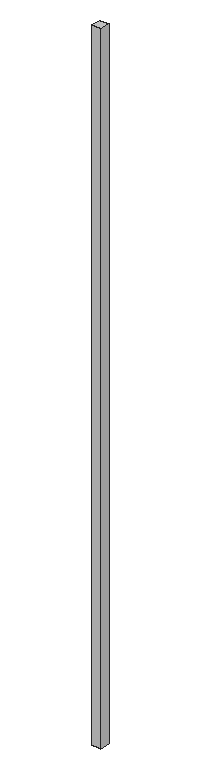
Revit family "M_Barras quadradas-coluna", category Pilares estruturais, Revit 2019
Family settings
  Forma do corte = Barra retangular
  Material para o comportamento do modelo = Aço
  Exportar sempre como geometria = Não
  Redução da viga na planta = Da caixa de vinculação
  Family Name Key = M_Square Bars-Column
  Número OmniClass = 23.25.30.11.14.11
  Título OmniClass = Columns
  ID de item do Seek = M_Square Bar-Column-0000-USA-ENU
  Corte com vazios quando carregada = Não
  Representação simbólica = Das configurações de projeto
  Compartilhado = Não
  Exibir o pré-corte da família na vista da planta = Sim
Parameters (values of type "RV38.1")
  Width = 38.10 mm
  Torsional Moment of Inertia = 0 cm⁴
  Torsional Modulus = 0.0 mm³
  Structural Material [instance] = Aço ASTM A36
  Chave do nome do corte = "RV 1 1/2"
  Section Area = 1451.6 mm²
  Plastic Modulus weak axis = 13827.0 mm³
  Plastic Modulus strong axis = 13827.0 mm³
  Perimeter = 0.49869 (stored number, unit not read)
  Nominal Weight = 0 N/m
  Moment of Inertia weak axis = 17.56 cm⁴
  Moment of Inertia strong axis = 17.56 cm⁴
  Height = 38.10 mm
  Elastic Modulus weak axis = 9218.0 mm³
  Elastic Modulus strong axis = 9218.0 mm³
  Centroid Vertical = Height / 2  # 19.05 mm
  Centroid Horizontal = Width / 2  # 19.05 mm
  Código de montagem = "B10"
Reference planes
  plane 1 "Centro (Frente/Trás)": y = 0
  plane 2: z = 0
  plane 3 "Centro (Esquerda/Direita)": x = 0
  plane 4: x = -19.05
  plane 5: x = 19.05
  plane 6: y = 19.05
  plane 7: y = -19.05
Forms (mm)
  Extrusion 1, solid, material "Aço ASTM A36" <- "Structural Material", detail levels medium+fine
    sketch origin (0, 0, 0) x (1, 0, 0) y (0, 1, 0)
      loop
        line (-19.05, 19.05) -> (-19.05, -19.05) -> (19.05, -19.05) -> (19.05, 19.05) -> (-19.05, 19.05)
    from 0 to 2500
Lines and regions (mm)
  symbolic lines, style "StructuralColumnStickSymbols", detail levels coarse
    curve 1: line (-19.05, 19.05, 0) -> (19.05, 19.05, 0)
    curve 2: line (-19.05, -19.05, 0) -> (19.05, -19.05, 0)
    curve 3: line (-19.05, 19.05, 0) -> (-19.05, -19.05, 0)
    curve 4: line (19.05, 19.05, 0) -> (19.05, -19.05, 0)
  symbolic lines, style "Faces ocultas", detail levels medium+fine
    curve 5: line (0, 6.35, 0) -> (0, 6.35, 2500)
    curve 6: line (0, -6.35, 0) -> (0, -6.35, 2500)
Dimensions and locks
  equal spacing: plane 4, plane 3 "Centro (Esquerda/Direita)", plane 5
  equal spacing: plane 7, plane 1 "Centro (Frente/Trás)", plane 6
  "Height": plane 7 to plane 6
  "Width": plane 4 to plane 5
  aligned and locked: level to plane 2
  aligned and locked: plane 5 to curve 4
  aligned and locked: plane 7 to curve 2
  aligned and locked: plane 4 to curve 3
  aligned and locked: plane 6 to curve 1
  aligned and locked: Extrusion 1 sketch curve to curve 1
  aligned and locked: Extrusion 1 sketch curve to curve 3
  aligned and locked: Extrusion 1 sketch curve to curve 2
  aligned and locked: Extrusion 1 sketch curve to curve 4
  aligned and locked: level to Extrusion 1
  aligned and locked: Extrusion 1 to plane 2
Automatic sketch dimensions
  curve 6 to level = 0.00 mm  (x2)
  curve 5 to level = 0.00 mm  (x2)
  curve 5 to plane 1 "Centro (Frente/Trás)" = 6.35 mm
  plane 1 "Centro (Frente/Trás)" to curve 6 = 6.35 mm
Types in the file's own list only (191): name | Largura | Momento de inércia de torção | Módulo de torção | Chave do nome do corte | Área de corte | Eixo fraco do módulo plástico | Eixo forte do módulo plástico | Perímetro | Peso nominal | Eixo fraco do momento de inércia | Eixo forte do momento de inércia | Altura | Eixo fraco do módulo de elasticidade | Eixo forte do módulo de elasticidade | Centróide vertical | Centróide horizontal
  RV25.4 | 25.4 mm | 0.00 mm4 | 0.0 mm³ | "RV 1" | 645.2 mm² | 4097.0 mm³ | 4097.0 mm³ | 0.10 m²/m | 0.00 kgf/m | 34686.00 mm4 | 34686.00 mm4 | 25.4 mm | 2731.0 mm³ | 2731.0 mm³ | 12.7 mm | 12.7 mm
  RV26.99 | 27.0 mm | 0.00 mm4 | 0.0 mm³ | "RV 1 1/16" | 728.3 mm² | 4914.0 mm³ | 4914.0 mm³ | 0.11 m²/m | 0.00 kgf/m | 44205.00 mm4 | 44205.00 mm4 | 27.0 mm | 3276.0 mm³ | 3276.0 mm³ | 13.5 mm | 13.5 mm
  RV31.75 | 31.8 mm | 0.00 mm4 | 0.0 mm³ | "RV 1 1/4" | 1008.1 mm² | 8001.0 mm³ | 8001.0 mm³ | 0.13 m²/m | 0.00 kgf/m | 84683.00 mm4 | 84683.00 mm4 | 31.8 mm | 5334.0 mm³ | 5334.0 mm³ | 15.9 mm | 15.9 mm
  RV28.58 | 28.6 mm | 0.00 mm4 | 0.0 mm³ | "RV 1 1/8" | 816.5 mm² | 5833.0 mm³ | 5833.0 mm³ | 0.11 m²/m | 0.00 kgf/m | 55560.00 mm4 | 55560.00 mm4 | 28.6 mm | 3889.0 mm³ | 3889.0 mm³ | 14.3 mm | 14.3 mm
  RV42.86 | 42.9 mm | 0.00 mm4 | 0.0 mm³ | "RV 1 11/16" | 1837.2 mm² | 19687.0 mm³ | 19687.0 mm³ | 0.17 m²/m | 0.00 kgf/m | 281273.00 mm4 | 281273.00 mm4 | 42.9 mm | 13124.0 mm³ | 13124.0 mm³ | 21.4 mm | 21.4 mm
  RV46.04 | 46.0 mm | 0.00 mm4 | 0.0 mm³ | "RV 1 13/16" | 2119.5 mm² | 24394.0 mm³ | 24394.0 mm³ | 0.18 m²/m | 0.00 kgf/m | 374340.00 mm4 | 374340.00 mm4 | 46.0 mm | 16262.0 mm³ | 16262.0 mm³ | 23.0 mm | 23.0 mm
  RV49.21 | 49.2 mm | 0.00 mm4 | 0.0 mm³ | "RV 1 15/16" | 2421.9 mm² | 29797.0 mm³ | 29797.0 mm³ | 0.20 m²/m | 0.00 kgf/m | 488788.00 mm4 | 488788.00 mm4 | 49.2 mm | 19864.0 mm³ | 19864.0 mm³ | 24.6 mm | 24.6 mm
  RV30.16 | 30.2 mm | 0.00 mm4 | 0.0 mm³ | "RV 1 3/16" | 909.8 mm² | 6860.0 mm³ | 6860.0 mm³ | 0.12 m²/m | 0.00 kgf/m | 68974.00 mm4 | 68974.00 mm4 | 30.2 mm | 4574.0 mm³ | 4574.0 mm³ | 15.1 mm | 15.1 mm
  RV44.45 | 44.5 mm | 0.00 mm4 | 0.0 mm³ | "RV 1 3/4" | 1975.8 mm² | 21956.0 mm³ | 21956.0 mm³ | 0.18 m²/m | 0.00 kgf/m | 325316.00 mm4 | 325316.00 mm4 | 44.5 mm | 14637.0 mm³ | 14637.0 mm³ | 22.2 mm | 22.2 mm
  RV34.93 | 34.9 mm | 0.00 mm4 | 0.0 mm³ | "RV 1 3/8" | 1219.8 mm² | 10650.0 mm³ | 10650.0 mm³ | 0.14 m²/m | 0.00 kgf/m | 123984.00 mm4 | 123984.00 mm4 | 34.9 mm | 7100.0 mm³ | 7100.0 mm³ | 17.5 mm | 17.5 mm
  RV33.34 | 33.3 mm | 0.00 mm4 | 0.0 mm³ | "RV 1 5/16" | 1111.4 mm² | 9263.0 mm³ | 9263.0 mm³ | 0.13 m²/m | 0.00 kgf/m | 102932.00 mm4 | 102932.00 mm4 | 33.3 mm | 6175.0 mm³ | 6175.0 mm³ | 16.7 mm | 16.7 mm
  RV41.28 | 41.3 mm | 0.00 mm4 | 0.0 mm³ | "RV 1 5/8" | 1703.6 mm² | 17579.0 mm³ | 17579.0 mm³ | 0.17 m²/m | 0.00 kgf/m | 241862.00 mm4 | 241862.00 mm4 | 41.3 mm | 11720.0 mm³ | 11720.0 mm³ | 20.6 mm | 20.6 mm
  RV36.51 | 36.5 mm | 0.00 mm4 | 0.0 mm³ | "RV 1 7/16" | 1333.2 mm² | 12169.0 mm³ | 12169.0 mm³ | 0.15 m²/m | 0.00 kgf/m | 148110.00 mm4 | 148110.00 mm4 | 36.5 mm | 8113.0 mm³ | 8113.0 mm³ | 18.3 mm | 18.3 mm
  RV47.63 | 47.6 mm | 0.00 mm4 | 0.0 mm³ | "RV 1 7/8" | 2268.1 mm² | 27005.0 mm³ | 27005.0 mm³ | 0.19 m²/m | 0.00 kgf/m | 428705.00 mm4 | 428705.00 mm4 | 47.6 mm | 18003.0 mm³ | 18003.0 mm³ | 23.8 mm | 23.8 mm
  RV39.69 | 39.7 mm | 0.00 mm4 | 0.0 mm³ | "RV 1 9/16" | 1575.1 mm² | 15628.0 mm³ | 15628.0 mm³ | 0.16 m²/m | 0.00 kgf/m | 206744.00 mm4 | 206744.00 mm4 | 39.7 mm | 10419.0 mm³ | 10419.0 mm³ | 19.8 mm | 19.8 mm
  RV1.59 | 1.6 mm | 0.00 mm4 | 0.0 mm³ | "RV 1/16" | 2.5 mm² | 1.0 mm³ | 1.0 mm³ | 0.01 m²/m | 0.00 kgf/m | 0.50 mm4 | 0.50 mm4 | 1.6 mm | 0.7 mm³ | 0.7 mm³ | 0.8 mm | 0.8 mm
  RV12.7 | 12.7 mm | 0.00 mm4 | 0.0 mm³ | "RV 1/2" | 161.3 mm² | 512.0 mm³ | 512.0 mm³ | 0.05 m²/m | 0.00 kgf/m | 2168.00 mm4 | 2168.00 mm4 | 12.7 mm | 341.0 mm³ | 341.0 mm³ | 6.4 mm | 6.4 mm
  RV6.35 | 6.4 mm | 0.00 mm4 | 0.0 mm³ | "RV 1/4" | 40.3 mm² | 64.0 mm³ | 64.0 mm³ | 0.03 m²/m | 0.00 kgf/m | 135.00 mm4 | 135.00 mm4 | 6.4 mm | 43.0 mm³ | 43.0 mm³ | 3.2 mm | 3.2 mm
  RV3.18 | 3.2 mm | 0.00 mm4 | 0.0 mm³ | "RV 1/8" | 10.1 mm² | 8.0 mm³ | 8.0 mm³ | 0.01 m²/m | 0.00 kgf/m | 8.00 mm4 | 8.00 mm4 | 3.2 mm | 5.0 mm³ | 5.0 mm³ | 1.6 mm | 1.6 mm
  RV254 | 254.0 mm | 0.00 mm4 | 0.0 mm³ | "RV 10" | 64516.0 mm² | 4096766.0 mm³ | 4096766.0 mm³ | 1.02 m²/m | 0.00 kgf/m | 346859521.00 mm4 | 346859521.00 mm4 | 254.0 mm | 2731177.0 mm³ | 2731177.0 mm³ | 127.0 mm | 127.0 mm
  RV255.59 | 255.6 mm | 0.00 mm4 | 0.0 mm³ | "RV 10 1/16" | 65325.0 mm² | 4174061.0 mm³ | 4174061.0 mm³ | 1.02 m²/m | 0.00 kgf/m | 355612644.00 mm4 | 355612644.00 mm4 | 255.6 mm | 2782708.0 mm³ | 2782708.0 mm³ | 127.8 mm | 127.8 mm
  RV266.7 | 266.7 mm | 0.00 mm4 | 0.0 mm³ | "RV 10 1/2" | 71128.9 mm² | 4742519.0 mm³ | 4742519.0 mm³ | 1.07 m²/m | 0.00 kgf/m | 421609916.00 mm4 | 421609916.00 mm4 | 266.7 mm | 3161679.0 mm³ | 3161679.0 mm³ | 133.4 mm | 133.4 mm
  RV260.35 | 260.4 mm | 0.00 mm4 | 0.0 mm³ | "RV 10 1/4" | 67782.1 mm² | 4411769.0 mm³ | 4411769.0 mm³ | 1.04 m²/m | 0.00 kgf/m | 382868011.00 mm4 | 382868011.00 mm4 | 260.4 mm | 2941179.0 mm³ | 2941179.0 mm³ | 130.2 mm | 130.2 mm
  RV257.18 | 257.2 mm | 0.00 mm4 | 0.0 mm³ | "RV 10 1/8" | 66139.0 mm² | 4252323.0 mm³ | 4252323.0 mm³ | 1.03 m²/m | 0.00 kgf/m | 364530397.00 mm4 | 364530397.00 mm4 | 257.2 mm | 2834882.0 mm³ | 2834882.0 mm³ | 128.6 mm | 128.6 mm
  RV271.46 | 271.5 mm | 0.00 mm4 | 0.0 mm³ | "RV 10 11/16" | 73691.9 mm² | 5001146.0 mm³ | 5001146.0 mm³ | 1.09 m²/m | 0.00 kgf/m | 452541208.00 mm4 | 452541208.00 mm4 | 271.5 mm | 3334097.0 mm³ | 3334097.0 mm³ | 135.7 mm | 135.7 mm
  RV274.64 | 274.6 mm | 0.00 mm4 | 0.0 mm³ | "RV 10 13/16" | 75425.8 mm² | 5178685.0 mm³ | 5178685.0 mm³ | 1.10 m²/m | 0.00 kgf/m | 474087061.00 mm4 | 474087061.00 mm4 | 274.6 mm | 3452457.0 mm³ | 3452457.0 mm³ | 137.3 mm | 137.3 mm
  RV277.81 | 277.8 mm | 0.00 mm4 | 0.0 mm³ | "RV 10 15/16" | 77179.8 mm² | 5360377.0 mm³ | 5360377.0 mm³ | 1.11 m²/m | 0.00 kgf/m | 496393270.00 mm4 | 496393270.00 mm4 | 277.8 mm | 3573585.0 mm³ | 3573585.0 mm³ | 138.9 mm | 138.9 mm
  RV258.76 | 258.8 mm | 0.00 mm4 | 0.0 mm³ | "RV 10 3/16" | 66958.0 mm² | 4331557.0 mm³ | 4331557.0 mm³ | 1.04 m²/m | 0.00 kgf/m | 373614831.00 mm4 | 373614831.00 mm4 | 258.8 mm | 2887705.0 mm³ | 2887705.0 mm³ | 129.4 mm | 129.4 mm
  RV273.05 | 273.1 mm | 0.00 mm4 | 0.0 mm³ | "RV 10 3/4" | 74556.3 mm² | 5089400.0 mm³ | 5089400.0 mm³ | 1.09 m²/m | 0.00 kgf/m | 463220187.00 mm4 | 463220187.00 mm4 | 273.1 mm | 3392933.0 mm³ | 3392933.0 mm³ | 136.5 mm | 136.5 mm
  RV263.53 | 263.5 mm | 0.00 mm4 | 0.0 mm³ | "RV 10 3/8" | 69445.4 mm² | 4575151.0 mm³ | 4575151.0 mm³ | 1.05 m²/m | 0.00 kgf/m | 401888928.00 mm4 | 401888928.00 mm4 | 263.5 mm | 3050101.0 mm³ | 3050101.0 mm³ | 131.8 mm | 131.8 mm
  RV261.94 | 261.9 mm | 0.00 mm4 | 0.0 mm³ | "RV 10 5/16" | 68611.3 mm² | 4492965.0 mm³ | 4492965.0 mm³ | 1.05 m²/m | 0.00 kgf/m | 392292014.00 mm4 | 392292014.00 mm4 | 261.9 mm | 2995310.0 mm³ | 2995310.0 mm³ | 131.0 mm | 131.0 mm
  RV269.88 | 269.9 mm | 0.00 mm4 | 0.0 mm³ | "RV 10 5/8" | 72832.5 mm² | 4913919.0 mm³ | 4913919.0 mm³ | 1.08 m²/m | 0.00 kgf/m | 442047944.00 mm4 | 442047944.00 mm4 | 269.9 mm | 3275946.0 mm³ | 3275946.0 mm³ | 134.9 mm | 134.9 mm
  RV265.11 | 265.1 mm | 0.00 mm4 | 0.0 mm³ | "RV 10 7/16" | 70284.6 mm² | 4658334.0 mm³ | 4658334.0 mm³ | 1.06 m²/m | 0.00 kgf/m | 411660858.00 mm4 | 411660858.00 mm4 | 265.1 mm | 3105556.0 mm³ | 3105556.0 mm³ | 132.6 mm | 132.6 mm
  RV276.23 | 276.2 mm | 0.00 mm4 | 0.0 mm³ | "RV 10 7/8" | 76300.3 mm² | 5269009.0 mm³ | 5269009.0 mm³ | 1.10 m²/m | 0.00 kgf/m | 485144020.00 mm4 | 485144020.00 mm4 | 276.2 mm | 3512673.0 mm³ | 3512673.0 mm³ | 138.1 mm | 138.1 mm
  RV268.29 | 268.3 mm | 0.00 mm4 | 0.0 mm³ | "RV 10 9/16" | 71978.2 mm² | 4827712.0 mm³ | 4827712.0 mm³ | 1.07 m²/m | 0.00 kgf/m | 431738232.00 mm4 | 431738232.00 mm4 | 268.3 mm | 3218474.0 mm³ | 3218474.0 mm³ | 134.1 mm | 134.1 mm
  RV279.4 | 279.4 mm | 0.00 mm4 | 0.0 mm³ | "RV 11" | 78064.4 mm² | 5452796.0 mm³ | 5452796.0 mm³ | 1.12 m²/m | 0.00 kgf/m | 507837025.00 mm4 | 507837025.00 mm4 | 279.4 mm | 3635197.0 mm³ | 3635197.0 mm³ | 139.7 mm | 139.7 mm
  RV280.99 | 281.0 mm | 0.00 mm4 | 0.0 mm³ | "RV 11 1/16" | 78954.0 mm² | 5546270.0 mm³ | 5546270.0 mm³ | 1.12 m²/m | 0.00 kgf/m | 519477516.00 mm4 | 519477516.00 mm4 | 281.0 mm | 3697513.0 mm³ | 3697513.0 mm³ | 140.5 mm | 140.5 mm
  RV292.1 | 292.1 mm | 0.00 mm4 | 0.0 mm³ | "RV 11 1/2" | 85322.4 mm² | 6230669.0 mm³ | 6230669.0 mm³ | 1.17 m²/m | 0.00 kgf/m | 606659471.00 mm4 | 606659471.00 mm4 | 292.1 mm | 4153779.0 mm³ | 4153779.0 mm³ | 146.1 mm | 146.1 mm
  RV285.75 | 285.8 mm | 0.00 mm4 | 0.0 mm³ | "RV 11 1/4" | 81653.1 mm² | 5833091.0 mm³ | 5833091.0 mm³ | 1.14 m²/m | 0.00 kgf/m | 555601885.00 mm4 | 555601885.00 mm4 | 285.8 mm | 3888727.0 mm³ | 3888727.0 mm³ | 142.9 mm | 142.9 mm
  RV282.58 | 282.6 mm | 0.00 mm4 | 0.0 mm³ | "RV 11 1/8" | 79848.6 mm² | 5640807.0 mm³ | 5640807.0 mm³ | 1.13 m²/m | 0.00 kgf/m | 531316984.00 mm4 | 531316984.00 mm4 | 282.6 mm | 3760538.0 mm³ | 3760538.0 mm³ | 141.3 mm | 141.3 mm
  RV296.86 | 296.9 mm | 0.00 mm4 | 0.0 mm³ | "RV 11 11/16" | 88127.3 mm² | 6540426.0 mm³ | 6540426.0 mm³ | 1.19 m²/m | 0.00 kgf/m | 647202395.00 mm4 | 647202395.00 mm4 | 296.9 mm | 4360284.0 mm³ | 4360284.0 mm³ | 148.4 mm | 148.4 mm
  RV300.04 | 300.0 mm | 0.00 mm4 | 0.0 mm³ | "RV 11 13/16" | 90022.5 mm² | 6752532.0 mm³ | 6752532.0 mm³ | 1.20 m²/m | 0.00 kgf/m | 675337563.00 mm4 | 675337563.00 mm4 | 300.0 mm | 4501688.0 mm³ | 4501688.0 mm³ | 150.0 mm | 150.0 mm
  RV303.21 | 303.2 mm | 0.00 mm4 | 0.0 mm³ | "RV 11 15/16" | 91937.8 mm² | 6969174.0 mm³ | 6969174.0 mm³ | 1.21 m²/m | 0.00 kgf/m | 704380231.00 mm4 | 704380231.00 mm4 | 303.2 mm | 4646116.0 mm³ | 4646116.0 mm³ | 151.6 mm | 151.6 mm
  RV284.16 | 284.2 mm | 0.00 mm4 | 0.0 mm³ | "RV 11 3/16" | 80748.3 mm² | 5736412.0 mm³ | 5736412.0 mm³ | 1.14 m²/m | 0.00 kgf/m | 543357685.00 mm4 | 543357685.00 mm4 | 284.2 mm | 3824274.0 mm³ | 3824274.0 mm³ | 142.1 mm | 142.1 mm
  RV298.45 | 298.5 mm | 0.00 mm4 | 0.0 mm³ | "RV 11 3/4" | 89072.4 mm² | 6645915.0 mm³ | 6645915.0 mm³ | 1.19 m²/m | 0.00 kgf/m | 661157741.00 mm4 | 661157741.00 mm4 | 298.5 mm | 4430610.0 mm³ | 4430610.0 mm³ | 149.2 mm | 149.2 mm
  RV288.93 | 288.9 mm | 0.00 mm4 | 0.0 mm³ | "RV 11 3/8" | 83477.7 mm² | 6029695.0 mm³ | 6029695.0 mm³ | 1.16 m²/m | 0.00 kgf/m | 580709916.00 mm4 | 580709916.00 mm4 | 288.9 mm | 4019797.0 mm³ | 4019797.0 mm³ | 144.5 mm | 144.5 mm
  RV287.34 | 287.3 mm | 0.00 mm4 | 0.0 mm³ | "RV 11 5/16" | 82562.8 mm² | 5930850.0 mm³ | 5930850.0 mm³ | 1.15 m²/m | 0.00 kgf/m | 568051864.00 mm4 | 568051864.00 mm4 | 287.3 mm | 3953900.0 mm³ | 3953900.0 mm³ | 143.7 mm | 143.7 mm
  RV295.28 | 295.3 mm | 0.00 mm4 | 0.0 mm³ | "RV 11 5/8" | 87187.3 mm² | 6436059.0 mm³ | 6436059.0 mm³ | 1.18 m²/m | 0.00 kgf/m | 633469146.00 mm4 | 633469146.00 mm4 | 295.3 mm | 4290706.0 mm³ | 4290706.0 mm³ | 147.6 mm | 147.6 mm
  RV290.51 | 290.5 mm | 0.00 mm4 | 0.0 mm³ | "RV 11 7/16" | 84397.5 mm² | 6129633.0 mm³ | 6129633.0 mm³ | 1.16 m²/m | 0.00 kgf/m | 593578345.00 mm4 | 593578345.00 mm4 | 290.5 mm | 4086422.0 mm³ | 4086422.0 mm³ | 145.3 mm | 145.3 mm
  RV301.63 | 301.6 mm | 0.00 mm4 | 0.0 mm³ | "RV 11 7/8" | 90977.6 mm² | 6860283.0 mm³ | 6860283.0 mm³ | 1.21 m²/m | 0.00 kgf/m | 689744258.00 mm4 | 689744258.00 mm4 | 301.6 mm | 4573522.0 mm³ | 4573522.0 mm³ | 150.8 mm | 150.8 mm
  RV293.69 | 293.7 mm | 0.00 mm4 | 0.0 mm³ | "RV 11 9/16" | 86252.3 mm² | 6332809.0 mm³ | 6332809.0 mm³ | 1.17 m²/m | 0.00 kgf/m | 619955623.00 mm4 | 619955623.00 mm4 | 293.7 mm | 4221873.0 mm³ | 4221873.0 mm³ | 146.8 mm | 146.8 mm
  RV17.46 | 17.5 mm | 0.00 mm4 | 0.0 mm³ | "RV 11/16" | 304.9 mm² | 1331.0 mm³ | 1331.0 mm³ | 0.07 m²/m | 0.00 kgf/m | 7749.00 mm4 | 7749.00 mm4 | 17.5 mm | 887.0 mm³ | 887.0 mm³ | 8.7 mm | 8.7 mm
  RV304.8 | 304.8 mm | 0.00 mm4 | 0.0 mm³ | "RV 12" | 92903.0 mm² | 7079212.0 mm³ | 7079212.0 mm³ | 1.22 m²/m | 0.00 kgf/m | 719247903.00 mm4 | 719247903.00 mm4 | 304.8 mm | 4719474.0 mm³ | 4719474.0 mm³ | 152.4 mm | 152.4 mm
  RV20.64 | 20.6 mm | 0.00 mm4 | 0.0 mm³ | "RV 13/16" | 425.9 mm² | 2197.0 mm³ | 2197.0 mm³ | 0.08 m²/m | 0.00 kgf/m | 15116.00 mm4 | 15116.00 mm4 | 20.6 mm | 1465.0 mm³ | 1465.0 mm³ | 10.3 mm | 10.3 mm
  RV23.81 | 23.8 mm | 0.00 mm4 | 0.0 mm³ | "RV 15/16" | 567.0 mm² | 3376.0 mm³ | 3376.0 mm³ | 0.10 m²/m | 0.00 kgf/m | 26794.00 mm4 | 26794.00 mm4 | 23.8 mm | 2250.0 mm³ | 2250.0 mm³ | 11.9 mm | 11.9 mm
  RV50.8 | 50.8 mm | 0.00 mm4 | 0.0 mm³ | "RV 2" | 2580.6 mm² | 32774.0 mm³ | 32774.0 mm³ | 0.20 m²/m | 0.00 kgf/m | 554975.00 mm4 | 554975.00 mm4 | 50.8 mm | 21849.0 mm³ | 21849.0 mm³ | 25.4 mm | 25.4 mm
  RV52.39 | 52.4 mm | 0.00 mm4 | 0.0 mm³ | "RV 2 1/16" | 2744.5 mm² | 35944.0 mm³ | 35944.0 mm³ | 0.21 m²/m | 0.00 kgf/m | 627667.00 mm4 | 627667.00 mm4 | 52.4 mm | 23962.0 mm³ | 23962.0 mm³ | 26.2 mm | 26.2 mm
  RV63.5 | 63.5 mm | 0.00 mm4 | 0.0 mm³ | "RV 2 1/2" | 4032.3 mm² | 64012.0 mm³ | 64012.0 mm³ | 0.25 m²/m | 0.00 kgf/m | 1354920.00 mm4 | 1354920.00 mm4 | 63.5 mm | 42675.0 mm³ | 42675.0 mm³ | 31.8 mm | 31.8 mm
  RV57.15 | 57.2 mm | 0.00 mm4 | 0.0 mm³ | "RV 2 1/4" | 3266.1 mm² | 46665.0 mm³ | 46665.0 mm³ | 0.23 m²/m | 0.00 kgf/m | 888963.00 mm4 | 888963.00 mm4 | 57.2 mm | 31110.0 mm³ | 31110.0 mm³ | 28.6 mm | 28.6 mm
  RV53.98 | 54.0 mm | 0.00 mm4 | 0.0 mm³ | "RV 2 1/8" | 2913.3 mm² | 39311.0 mm³ | 39311.0 mm³ | 0.22 m²/m | 0.00 kgf/m | 707277.00 mm4 | 707277.00 mm4 | 54.0 mm | 26208.0 mm³ | 26208.0 mm³ | 27.0 mm | 27.0 mm
  RV68.26 | 68.3 mm | 0.00 mm4 | 0.0 mm³ | "RV 2 11/16" | 4659.8 mm² | 79522.0 mm³ | 79522.0 mm³ | 0.27 m²/m | 0.00 kgf/m | 1809454.00 mm4 | 1809454.00 mm4 | 68.3 mm | 53015.0 mm³ | 53015.0 mm³ | 34.1 mm | 34.1 mm
  RV71.44 | 71.4 mm | 0.00 mm4 | 0.0 mm³ | "RV 2 13/16" | 5103.3 mm² | 91142.0 mm³ | 91142.0 mm³ | 0.29 m²/m | 0.00 kgf/m | 2170320.00 mm4 | 2170320.00 mm4 | 71.4 mm | 60761.0 mm³ | 60761.0 mm³ | 35.7 mm | 35.7 mm
  RV74.61 | 74.6 mm | 0.00 mm4 | 0.0 mm³ | "RV 2 15/16" | 5567.0 mm² | 103842.0 mm³ | 103842.0 mm³ | 0.30 m²/m | 0.00 kgf/m | 2582647.00 mm4 | 2582647.00 mm4 | 74.6 mm | 69228.0 mm³ | 69228.0 mm³ | 37.3 mm | 37.3 mm
  RV55.56 | 55.6 mm | 0.00 mm4 | 0.0 mm³ | "RV 2 3/16" | 3087.2 mm² | 42883.0 mm³ | 42883.0 mm³ | 0.22 m²/m | 0.00 kgf/m | 794229.00 mm4 | 794229.00 mm4 | 55.6 mm | 28589.0 mm³ | 28589.0 mm³ | 27.8 mm | 27.8 mm
  RV69.85 | 69.9 mm | 0.00 mm4 | 0.0 mm³ | "RV 2 3/4" | 4879.0 mm² | 85200.0 mm³ | 85200.0 mm³ | 0.28 m²/m | 0.00 kgf/m | 1983738.00 mm4 | 1983738.00 mm4 | 69.9 mm | 56800.0 mm³ | 56800.0 mm³ | 34.9 mm | 34.9 mm
  RV60.33 | 60.3 mm | 0.00 mm4 | 0.0 mm³ | "RV 2 3/8" | 3639.1 mm² | 54882.0 mm³ | 54882.0 mm³ | 0.24 m²/m | 0.00 kgf/m | 1103591.00 mm4 | 1103591.00 mm4 | 60.3 mm | 36588.0 mm³ | 36588.0 mm³ | 30.2 mm | 30.2 mm
  RV58.74 | 58.7 mm | 0.00 mm4 | 0.0 mm³ | "RV 2 5/16" | 3450.1 mm² | 50662.0 mm³ | 50662.0 mm³ | 0.24 m²/m | 0.00 kgf/m | 991929.00 mm4 | 991929.00 mm4 | 58.7 mm | 33775.0 mm³ | 33775.0 mm³ | 29.4 mm | 29.4 mm
  RV66.68 | 66.7 mm | 0.00 mm4 | 0.0 mm³ | "RV 2 5/8" | 4445.6 mm² | 74102.0 mm³ | 74102.0 mm³ | 0.27 m²/m | 0.00 kgf/m | 1646914.00 mm4 | 1646914.00 mm4 | 66.7 mm | 49401.0 mm³ | 49401.0 mm³ | 33.3 mm | 33.3 mm
  RV61.91 | 61.9 mm | 0.00 mm4 | 0.0 mm³ | "RV 2 7/16" | 3833.2 mm² | 59330.0 mm³ | 59330.0 mm³ | 0.25 m²/m | 0.00 kgf/m | 1224425.00 mm4 | 1224425.00 mm4 | 61.9 mm | 39553.0 mm³ | 39553.0 mm³ | 31.0 mm | 31.0 mm
  RV73.03 | 73.0 mm | 0.00 mm4 | 0.0 mm³ | "RV 2 7/8" | 5332.7 mm² | 97354.0 mm³ | 97354.0 mm³ | 0.29 m²/m | 0.00 kgf/m | 2369764.00 mm4 | 2369764.00 mm4 | 73.0 mm | 64903.0 mm³ | 64903.0 mm³ | 36.5 mm | 36.5 mm
  RV65.09 | 65.1 mm | 0.00 mm4 | 0.0 mm³ | "RV 2 9/16" | 4236.4 mm² | 68934.0 mm³ | 68934.0 mm³ | 0.26 m²/m | 0.00 kgf/m | 1495578.00 mm4 | 1495578.00 mm4 | 65.1 mm | 45956.0 mm³ | 45956.0 mm³ | 32.5 mm | 32.5 mm
  RV76.2 | 76.2 mm | 0.00 mm4 | 0.0 mm³ | "RV 3" | 5806.4 mm² | 110613.0 mm³ | 110613.0 mm³ | 0.30 m²/m | 0.00 kgf/m | 2809562.00 mm4 | 2809562.00 mm4 | 76.2 mm | 73742.0 mm³ | 73742.0 mm³ | 38.1 mm | 38.1 mm
  RV77.79 | 77.8 mm | 0.00 mm4 | 0.0 mm³ | "RV 3 1/16" | 6050.9 mm² | 117671.0 mm³ | 117671.0 mm³ | 0.31 m²/m | 0.00 kgf/m | 3051111.00 mm4 | 3051111.00 mm4 | 77.8 mm | 78447.0 mm³ | 78447.0 mm³ | 38.9 mm | 38.9 mm
  RV88.9 | 88.9 mm | 0.00 mm4 | 0.0 mm³ | "RV 3 1/2" | 7903.2 mm² | 175649.0 mm³ | 175649.0 mm³ | 0.36 m²/m | 0.00 kgf/m | 5205061.00 mm4 | 5205061.00 mm4 | 88.9 mm | 117099.0 mm³ | 117099.0 mm³ | 44.5 mm | 44.5 mm
  RV82.55 | 82.6 mm | 0.00 mm4 | 0.0 mm³ | "RV 3 1/4" | 6814.5 mm² | 140634.0 mm³ | 140634.0 mm³ | 0.33 m²/m | 0.00 kgf/m | 3869787.00 mm4 | 3869787.00 mm4 | 82.6 mm | 93756.0 mm³ | 93756.0 mm³ | 41.3 mm | 41.3 mm
  RV79.38 | 79.4 mm | 0.00 mm4 | 0.0 mm³ | "RV 3 1/8" | 6300.4 mm² | 125023.0 mm³ | 125023.0 mm³ | 0.32 m²/m | 0.00 kgf/m | 3307910.00 mm4 | 3307910.00 mm4 | 79.4 mm | 83349.0 mm³ | 83349.0 mm³ | 39.7 mm | 39.7 mm
  RV93.66 | 93.7 mm | 0.00 mm4 | 0.0 mm³ | "RV 3 11/16" | 8772.7 mm² | 205417.0 mm³ | 205417.0 mm³ | 0.37 m²/m | 0.00 kgf/m | 6413303.00 mm4 | 6413303.00 mm4 | 93.7 mm | 136945.0 mm³ | 136945.0 mm³ | 46.8 mm | 46.8 mm
  RV96.84 | 96.8 mm | 0.00 mm4 | 0.0 mm³ | "RV 3 13/16" | 9377.5 mm² | 227023.0 mm³ | 227023.0 mm³ | 0.39 m²/m | 0.00 kgf/m | 7328128.00 mm4 | 7328128.00 mm4 | 96.8 mm | 151349.0 mm³ | 151349.0 mm³ | 48.4 mm | 48.4 mm
  RV100.01 | 100.0 mm | 0.00 mm4 | 0.0 mm³ | "RV 3 15/16" | 10002.5 mm² | 250094.0 mm³ | 250094.0 mm³ | 0.40 m²/m | 0.00 kgf/m | 8337501.00 mm4 | 8337501.00 mm4 | 100.0 mm | 166729.0 mm³ | 166729.0 mm³ | 50.0 mm | 50.0 mm
  RV80.96 | 81.0 mm | 0.00 mm4 | 0.0 mm³ | "RV 3 3/16" | 6554.9 mm² | 132676.0 mm³ | 132676.0 mm³ | 0.32 m²/m | 0.00 kgf/m | 3580588.00 mm4 | 3580588.00 mm4 | 81.0 mm | 88451.0 mm³ | 88451.0 mm³ | 40.5 mm | 40.5 mm
  RV95.25 | 95.3 mm | 0.00 mm4 | 0.0 mm³ | "RV 3 3/4" | 9072.6 mm² | 216040.0 mm³ | 216040.0 mm³ | 0.38 m²/m | 0.00 kgf/m | 6859283.00 mm4 | 6859283.00 mm4 | 95.3 mm | 144027.0 mm³ | 144027.0 mm³ | 47.6 mm | 47.6 mm
  RV85.73 | 85.7 mm | 0.00 mm4 | 0.0 mm³ | "RV 3 3/8" | 7348.8 mm² | 157493.0 mm³ | 157493.0 mm³ | 0.34 m²/m | 0.00 kgf/m | 4500375.00 mm4 | 4500375.00 mm4 | 85.7 mm | 104996.0 mm³ | 104996.0 mm³ | 42.9 mm | 42.9 mm
  RV84.14 | 84.1 mm | 0.00 mm4 | 0.0 mm³ | "RV 3 5/16" | 7079.1 mm² | 148905.0 mm³ | 148905.0 mm³ | 0.34 m²/m | 0.00 kgf/m | 4176160.00 mm4 | 4176160.00 mm4 | 84.1 mm | 99270.0 mm³ | 99270.0 mm³ | 42.1 mm | 42.1 mm
  RV92.08 | 92.1 mm | 0.00 mm4 | 0.0 mm³ | "RV 3 5/8" | 8477.8 mm² | 195148.0 mm³ | 195148.0 mm³ | 0.37 m²/m | 0.00 kgf/m | 5989432.00 mm4 | 5989432.00 mm4 | 92.1 mm | 130099.0 mm³ | 130099.0 mm³ | 46.0 mm | 46.0 mm
  RV87.31 | 87.3 mm | 0.00 mm4 | 0.0 mm³ | "RV 3 7/16" | 7623.5 mm² | 166406.0 mm³ | 166406.0 mm³ | 0.35 m²/m | 0.00 kgf/m | 4843111.00 mm4 | 4843111.00 mm4 | 87.3 mm | 110937.0 mm³ | 110937.0 mm³ | 43.7 mm | 43.7 mm
  RV98.43 | 98.4 mm | 0.00 mm4 | 0.0 mm³ | "RV 3 7/8" | 9687.5 mm² | 238373.0 mm³ | 238373.0 mm³ | 0.39 m²/m | 0.00 kgf/m | 7820607.00 mm4 | 7820607.00 mm4 | 98.4 mm | 158915.0 mm³ | 158915.0 mm³ | 49.2 mm | 49.2 mm
  RV90.49 | 90.5 mm | 0.00 mm4 | 0.0 mm³ | "RV 3 9/16" | 8188.0 mm² | 185228.0 mm³ | 185228.0 mm³ | 0.36 m²/m | 0.00 kgf/m | 5586928.00 mm4 | 5586928.00 mm4 | 90.5 mm | 123485.0 mm³ | 123485.0 mm³ | 45.2 mm | 45.2 mm
  RV4.76 | 4.8 mm | 0.00 mm4 | 0.0 mm³ | "RV 3/16" | 22.7 mm² | 27.0 mm³ | 27.0 mm³ | 0.02 m²/m | 0.00 kgf/m | 43.00 mm4 | 43.00 mm4 | 4.8 mm | 18.0 mm³ | 18.0 mm³ | 2.4 mm | 2.4 mm
  RV19.05 | 19.1 mm | 0.00 mm4 | 0.0 mm³ | "RV 3/4" | 362.9 mm² | 1728.0 mm³ | 1728.0 mm³ | 0.08 m²/m | 0.00 kgf/m | 10975.00 mm4 | 10975.00 mm4 | 19.1 mm | 1152.0 mm³ | 1152.0 mm³ | 9.5 mm | 9.5 mm
  RV9.53 | 9.5 mm | 0.00 mm4 | 0.0 mm³ | "RV 3/8" | 90.7 mm² | 216.0 mm³ | 216.0 mm³ | 0.04 m²/m | 0.00 kgf/m | 686.00 mm4 | 686.00 mm4 | 9.5 mm | 144.0 mm³ | 144.0 mm³ | 4.8 mm | 4.8 mm
  RV101.6 | 101.6 mm | 0.00 mm4 | 0.0 mm³ | "RV 4" | 10322.6 mm² | 262193.0 mm³ | 262193.0 mm³ | 0.41 m²/m | 0.00 kgf/m | 8879604.00 mm4 | 8879604.00 mm4 | 101.6 mm | 174795.0 mm³ | 174795.0 mm³ | 50.8 mm | 50.8 mm
  RV103.19 | 103.2 mm | 0.00 mm4 | 0.0 mm³ | "RV 4 1/16" | 10647.7 mm² | 274676.0 mm³ | 274676.0 mm³ | 0.41 m²/m | 0.00 kgf/m | 9447722.00 mm4 | 9447722.00 mm4 | 103.2 mm | 183118.0 mm³ | 183118.0 mm³ | 51.6 mm | 51.6 mm
  RV114.3 | 114.3 mm | 0.00 mm4 | 0.0 mm³ | "RV 4 1/2" | 13064.5 mm² | 373318.0 mm³ | 373318.0 mm³ | 0.46 m²/m | 0.00 kgf/m | 14223408.00 mm4 | 14223408.00 mm4 | 114.3 mm | 248879.0 mm³ | 248879.0 mm³ | 57.2 mm | 57.2 mm
  RV107.95 | 108.0 mm | 0.00 mm4 | 0.0 mm³ | "RV 4 1/4" | 11653.2 mm² | 314491.0 mm³ | 314491.0 mm³ | 0.43 m²/m | 0.00 kgf/m | 11316427.00 mm4 | 11316427.00 mm4 | 108.0 mm | 209661.0 mm³ | 209661.0 mm³ | 54.0 mm | 54.0 mm
  RV104.78 | 104.8 mm | 0.00 mm4 | 0.0 mm³ | "RV 4 1/8" | 10977.8 mm² | 287550.0 mm³ | 287550.0 mm³ | 0.42 m²/m | 0.00 kgf/m | 10042676.00 mm4 | 10042676.00 mm4 | 104.8 mm | 191700.0 mm³ | 191700.0 mm³ | 52.4 mm | 52.4 mm
  RV119.06 | 119.1 mm | 0.00 mm4 | 0.0 mm³ | "RV 4 11/16" | 14175.9 mm² | 421954.0 mm³ | 421954.0 mm³ | 0.48 m²/m | 0.00 kgf/m | 16746295.00 mm4 | 16746295.00 mm4 | 119.1 mm | 281303.0 mm³ | 281303.0 mm³ | 59.5 mm | 59.5 mm
  RV122.24 | 122.2 mm | 0.00 mm4 | 0.0 mm³ | "RV 4 13/16" | 14942.0 mm² | 456618.0 mm³ | 456618.0 mm³ | 0.49 m²/m | 0.00 kgf/m | 18605296.00 mm4 | 18605296.00 mm4 | 122.2 mm | 304412.0 mm³ | 304412.0 mm³ | 61.1 mm | 61.1 mm
  RV125.41 | 125.4 mm | 0.00 mm4 | 0.0 mm³ | "RV 4 15/16" | 15728.3 mm² | 493131.0 mm³ | 493131.0 mm³ | 0.50 m²/m | 0.00 kgf/m | 20614939.00 mm4 | 20614939.00 mm4 | 125.4 mm | 328754.0 mm³ | 328754.0 mm³ | 62.7 mm | 62.7 mm
  RV106.36 | 106.4 mm | 0.00 mm4 | 0.0 mm³ | "RV 4 3/16" | 11313.0 mm² | 300819.0 mm³ | 300819.0 mm³ | 0.43 m²/m | 0.00 kgf/m | 10665296.00 mm4 | 10665296.00 mm4 | 106.4 mm | 200546.0 mm³ | 200546.0 mm³ | 53.2 mm | 53.2 mm
  RV120.65 | 120.7 mm | 0.00 mm4 | 0.0 mm³ | "RV 4 3/4" | 14556.4 mm² | 439058.0 mm³ | 439058.0 mm³ | 0.48 m²/m | 0.00 kgf/m | 17657453.00 mm4 | 17657453.00 mm4 | 120.7 mm | 292705.0 mm³ | 292705.0 mm³ | 60.3 mm | 60.3 mm
  RV111.13 | 111.1 mm | 0.00 mm4 | 0.0 mm³ | "RV 4 3/8" | 12348.8 mm² | 343064.0 mm³ | 343064.0 mm³ | 0.44 m²/m | 0.00 kgf/m | 12707668.00 mm4 | 12707668.00 mm4 | 111.1 mm | 228709.0 mm³ | 228709.0 mm³ | 55.6 mm | 55.6 mm
  RV109.54 | 109.5 mm | 0.00 mm4 | 0.0 mm³ | "RV 4 5/16" | 11998.5 mm² | 328570.0 mm³ | 328570.0 mm³ | 0.44 m²/m | 0.00 kgf/m | 11996928.00 mm4 | 11996928.00 mm4 | 109.5 mm | 219047.0 mm³ | 219047.0 mm³ | 54.8 mm | 54.8 mm
  RV117.48 | 117.5 mm | 0.00 mm4 | 0.0 mm³ | "RV 4 5/8" | 13800.4 mm² | 405300.0 mm³ | 405300.0 mm³ | 0.47 m²/m | 0.00 kgf/m | 15870864.00 mm4 | 15870864.00 mm4 | 117.5 mm | 270200.0 mm³ | 270200.0 mm³ | 58.7 mm | 58.7 mm
  RV112.71 | 112.7 mm | 0.00 mm4 | 0.0 mm³ | "RV 4 7/16" | 12704.1 mm² | 357978.0 mm³ | 357978.0 mm³ | 0.45 m²/m | 0.00 kgf/m | 13449529.00 mm4 | 13449529.00 mm4 | 112.7 mm | 238652.0 mm³ | 238652.0 mm³ | 56.4 mm | 56.4 mm
  RV123.83 | 123.8 mm | 0.00 mm4 | 0.0 mm³ | "RV 4 7/8" | 15332.6 mm² | 474641.0 mm³ | 474641.0 mm³ | 0.50 m²/m | 0.00 kgf/m | 19590797.00 mm4 | 19590797.00 mm4 | 123.8 mm | 316427.0 mm³ | 316427.0 mm³ | 61.9 mm | 61.9 mm
  RV115.89 | 115.9 mm | 0.00 mm4 | 0.0 mm³ | "RV 4 9/16" | 13429.9 mm² | 389090.0 mm³ | 389090.0 mm³ | 0.46 m²/m | 0.00 kgf/m | 15030213.00 mm4 | 15030213.00 mm4 | 115.9 mm | 259393.0 mm³ | 259393.0 mm³ | 57.9 mm | 57.9 mm
  RV127 | 127.0 mm | 0.00 mm4 | 0.0 mm³ | "RV 5" | 16129.0 mm² | 512096.0 mm³ | 512096.0 mm³ | 0.51 m²/m | 0.00 kgf/m | 21678720.00 mm4 | 21678720.00 mm4 | 127.0 mm | 341397.0 mm³ | 341397.0 mm³ | 63.5 mm | 63.5 mm
  RV128.59 | 128.6 mm | 0.00 mm4 | 0.0 mm³ | "RV 5 1/16" | 16534.7 mm² | 531540.0 mm³ | 531540.0 mm³ | 0.51 m²/m | 0.00 kgf/m | 22783150.00 mm4 | 22783150.00 mm4 | 128.6 mm | 354360.0 mm³ | 354360.0 mm³ | 64.3 mm | 64.3 mm
  RV139.7 | 139.7 mm | 0.00 mm4 | 0.0 mm³ | "RV 5 1/2" | 19516.1 mm² | 681599.0 mm³ | 681599.0 mm³ | 0.56 m²/m | 0.00 kgf/m | 31739814.00 mm4 | 31739814.00 mm4 | 139.7 mm | 454400.0 mm³ | 454400.0 mm³ | 69.9 mm | 69.9 mm
  RV133.35 | 133.4 mm | 0.00 mm4 | 0.0 mm³ | "RV 5 1/4" | 17782.2 mm² | 592815.0 mm³ | 592815.0 mm³ | 0.53 m²/m | 0.00 kgf/m | 26350620.00 mm4 | 26350620.00 mm4 | 133.4 mm | 395210.0 mm³ | 395210.0 mm³ | 66.7 mm | 66.7 mm
  RV130.18 | 130.2 mm | 0.00 mm4 | 0.0 mm³ | "RV 5 1/8" | 16945.5 mm² | 551471.0 mm³ | 551471.0 mm³ | 0.52 m²/m | 0.00 kgf/m | 23929251.00 mm4 | 23929251.00 mm4 | 130.2 mm | 367647.0 mm³ | 367647.0 mm³ | 65.1 mm | 65.1 mm
  RV144.46 | 144.5 mm | 0.00 mm4 | 0.0 mm³ | "RV 5 11/16" | 20869.4 mm² | 753712.0 mm³ | 753712.0 mm³ | 0.58 m²/m | 0.00 kgf/m | 36294370.00 mm4 | 36294370.00 mm4 | 144.5 mm | 502475.0 mm³ | 502475.0 mm³ | 72.2 mm | 72.2 mm
  RV147.64 | 147.6 mm | 0.00 mm4 | 0.0 mm³ | "RV 5 13/16" | 21796.8 mm² | 804507.0 mm³ | 804507.0 mm³ | 0.59 m²/m | 0.00 kgf/m | 39591822.00 mm4 | 39591822.00 mm4 | 147.6 mm | 536338.0 mm³ | 536338.0 mm³ | 73.8 mm | 73.8 mm
  RV150.81 | 150.8 mm | 0.00 mm4 | 0.0 mm³ | "RV 5 15/16" | 22744.4 mm² | 857535.0 mm³ | 857535.0 mm³ | 0.60 m²/m | 0.00 kgf/m | 43109016.00 mm4 | 43109016.00 mm4 | 150.8 mm | 571690.0 mm³ | 571690.0 mm³ | 75.4 mm | 75.4 mm
  RV131.76 | 131.8 mm | 0.00 mm4 | 0.0 mm³ | "RV 5 3/16" | 17361.4 mm² | 571894.0 mm³ | 571894.0 mm³ | 0.53 m²/m | 0.00 kgf/m | 25118058.00 mm4 | 25118058.00 mm4 | 131.8 mm | 381263.0 mm³ | 381263.0 mm³ | 65.9 mm | 65.9 mm
  RV146.05 | 146.1 mm | 0.00 mm4 | 0.0 mm³ | "RV 5 3/4" | 21330.6 mm² | 778834.0 mm³ | 778834.0 mm³ | 0.58 m²/m | 0.00 kgf/m | 37916217.00 mm4 | 37916217.00 mm4 | 146.1 mm | 519222.0 mm³ | 519222.0 mm³ | 73.0 mm | 73.0 mm
  RV136.53 | 136.5 mm | 0.00 mm4 | 0.0 mm³ | "RV 5 3/8" | 18639.1 mm² | 636175.0 mm³ | 636175.0 mm³ | 0.55 m²/m | 0.00 kgf/m | 28951262.00 mm4 | 28951262.00 mm4 | 136.5 mm | 424117.0 mm³ | 424117.0 mm³ | 68.3 mm | 68.3 mm
  RV134.94 | 134.9 mm | 0.00 mm4 | 0.0 mm³ | "RV 5 5/16" | 18208.1 mm² | 614240.0 mm³ | 614240.0 mm³ | 0.54 m²/m | 0.00 kgf/m | 27627997.00 mm4 | 27627997.00 mm4 | 134.9 mm | 409493.0 mm³ | 409493.0 mm³ | 67.5 mm | 67.5 mm
  RV142.88 | 142.9 mm | 0.00 mm4 | 0.0 mm³ | "RV 5 5/8" | 20413.3 mm² | 729136.0 mm³ | 729136.0 mm³ | 0.57 m²/m | 0.00 kgf/m | 34725118.00 mm4 | 34725118.00 mm4 | 142.9 mm | 486091.0 mm³ | 486091.0 mm³ | 71.4 mm | 71.4 mm
  RV138.11 | 138.1 mm | 0.00 mm4 | 0.0 mm³ | "RV 5 7/16" | 19075.1 mm² | 658626.0 mm³ | 658626.0 mm³ | 0.55 m²/m | 0.00 kgf/m | 30321501.00 mm4 | 30321501.00 mm4 | 138.1 mm | 439084.0 mm³ | 439084.0 mm³ | 69.1 mm | 69.1 mm
  RV149.23 | 149.2 mm | 0.00 mm4 | 0.0 mm³ | "RV 5 7/8" | 22268.1 mm² | 830739.0 mm³ | 830739.0 mm³ | 0.60 m²/m | 0.00 kgf/m | 41322359.00 mm4 | 41322359.00 mm4 | 149.2 mm | 553826.0 mm³ | 553826.0 mm³ | 74.6 mm | 74.6 mm
  RV141.29 | 141.3 mm | 0.00 mm4 | 0.0 mm³ | "RV 5 9/16" | 19962.2 mm² | 705101.0 mm³ | 705101.0 mm³ | 0.57 m²/m | 0.00 kgf/m | 33207312.00 mm4 | 33207312.00 mm4 | 141.3 mm | 470067.0 mm³ | 470067.0 mm³ | 70.6 mm | 70.6 mm
  RV7.94 | 7.9 mm | 0.00 mm4 | 0.0 mm³ | "RV 5/16" | 63.0 mm² | 125.0 mm³ | 125.0 mm³ | 0.03 m²/m | 0.00 kgf/m | 331.00 mm4 | 331.00 mm4 | 7.9 mm | 83.0 mm³ | 83.0 mm³ | 4.0 mm | 4.0 mm
  RV15.88 | 15.9 mm | 0.00 mm4 | 0.0 mm³ | "RV 5/8" | 252.0 mm² | 1000.0 mm³ | 1000.0 mm³ | 0.06 m²/m | 0.00 kgf/m | 5293.00 mm4 | 5293.00 mm4 | 15.9 mm | 667.0 mm³ | 667.0 mm³ | 7.9 mm | 7.9 mm
  RV152.4 | 152.4 mm | 0.00 mm4 | 0.0 mm³ | "RV 6" | 23225.8 mm² | 884901.0 mm³ | 884901.0 mm³ | 0.61 m²/m | 0.00 kgf/m | 44952994.00 mm4 | 44952994.00 mm4 | 152.4 mm | 589934.0 mm³ | 589934.0 mm³ | 76.2 mm | 76.2 mm
  RV153.99 | 154.0 mm | 0.00 mm4 | 0.0 mm³ | "RV 6 1/16" | 23712.2 mm² | 912844.0 mm³ | 912844.0 mm³ | 0.62 m²/m | 0.00 kgf/m | 46855505.00 mm4 | 46855505.00 mm4 | 154.0 mm | 608562.0 mm³ | 608562.0 mm³ | 77.0 mm | 77.0 mm
  RV165.1 | 165.1 mm | 0.00 mm4 | 0.0 mm³ | "RV 6 1/2" | 27258.0 mm² | 1125074.0 mm³ | 1125074.0 mm³ | 0.66 m²/m | 0.00 kgf/m | 61916592.00 mm4 | 61916592.00 mm4 | 165.1 mm | 750050.0 mm³ | 750050.0 mm³ | 82.6 mm | 82.6 mm
  RV158.75 | 158.8 mm | 0.00 mm4 | 0.0 mm³ | "RV 6 1/4" | 25201.6 mm² | 1000187.0 mm³ | 1000187.0 mm³ | 0.64 m²/m | 0.00 kgf/m | 52926563.00 mm4 | 52926563.00 mm4 | 158.8 mm | 666791.0 mm³ | 666791.0 mm³ | 79.4 mm | 79.4 mm
  RV155.58 | 155.6 mm | 0.00 mm4 | 0.0 mm³ | "RV 6 1/8" | 24203.6 mm² | 941368.0 mm³ | 941368.0 mm³ | 0.62 m²/m | 0.00 kgf/m | 48817776.00 mm4 | 48817776.00 mm4 | 155.6 mm | 627579.0 mm³ | 627579.0 mm³ | 77.8 mm | 77.8 mm
  RV169.86 | 169.9 mm | 0.00 mm4 | 0.0 mm³ | "RV 6 11/16" | 28853.3 mm² | 1225272.0 mm³ | 1225272.0 mm³ | 0.68 m²/m | 0.00 kgf/m | 69375927.00 mm4 | 69375927.00 mm4 | 169.9 mm | 816848.0 mm³ | 816848.0 mm³ | 84.9 mm | 84.9 mm
  RV173.04 | 173.0 mm | 0.00 mm4 | 0.0 mm³ | "RV 6 13/16" | 29942.0 mm² | 1295271.0 mm³ | 1295271.0 mm³ | 0.69 m²/m | 0.00 kgf/m | 74710163.00 mm4 | 74710163.00 mm4 | 173.0 mm | 863514.0 mm³ | 863514.0 mm³ | 86.5 mm | 86.5 mm
  RV176.21 | 176.2 mm | 0.00 mm4 | 0.0 mm³ | "RV 6 15/16" | 31050.8 mm² | 1367887.0 mm³ | 1367887.0 mm³ | 0.70 m²/m | 0.00 kgf/m | 80346249.00 mm4 | 80346249.00 mm4 | 176.2 mm | 911925.0 mm³ | 911925.0 mm³ | 88.1 mm | 88.1 mm
  RV157.16 | 157.2 mm | 0.00 mm4 | 0.0 mm³ | "RV 6 3/16" | 24700.1 mm² | 970480.0 mm³ | 970480.0 mm³ | 0.63 m²/m | 0.00 kgf/m | 50841045.00 mm4 | 50841045.00 mm4 | 157.2 mm | 646987.0 mm³ | 646987.0 mm³ | 78.6 mm | 78.6 mm
  RV171.45 | 171.5 mm | 0.00 mm4 | 0.0 mm³ | "RV 6 3/4" | 29395.1 mm² | 1259948.0 mm³ | 1259948.0 mm³ | 0.69 m²/m | 0.00 kgf/m | 72006004.00 mm4 | 72006004.00 mm4 | 171.5 mm | 839965.0 mm³ | 839965.0 mm³ | 85.7 mm | 85.7 mm
  RV161.93 | 161.9 mm | 0.00 mm4 | 0.0 mm³ | "RV 6 3/8" | 26219.7 mm² | 1061406.0 mm³ | 1061406.0 mm³ | 0.65 m²/m | 0.00 kgf/m | 57289414.00 mm4 | 57289414.00 mm4 | 161.9 mm | 707604.0 mm³ | 707604.0 mm³ | 81.0 mm | 81.0 mm
  RV160.34 | 160.3 mm | 0.00 mm4 | 0.0 mm³ | "RV 6 5/16" | 25708.1 mm² | 1030494.0 mm³ | 1030494.0 mm³ | 0.64 m²/m | 0.00 kgf/m | 55075593.00 mm4 | 55075593.00 mm4 | 160.3 mm | 686996.0 mm³ | 686996.0 mm³ | 80.2 mm | 80.2 mm
  RV168.28 | 168.3 mm | 0.00 mm4 | 0.0 mm³ | "RV 6 5/8" | 28316.5 mm² | 1191239.0 mm³ | 1191239.0 mm³ | 0.67 m²/m | 0.00 kgf/m | 66818566.00 mm4 | 66818566.00 mm4 | 168.3 mm | 794159.0 mm³ | 794159.0 mm³ | 84.1 mm | 84.1 mm
  RV163.51 | 163.5 mm | 0.00 mm4 | 0.0 mm³ | "RV 6 7/16" | 26736.3 mm² | 1092931.0 mm³ | 1092931.0 mm³ | 0.65 m²/m | 0.00 kgf/m | 59569313.00 mm4 | 59569313.00 mm4 | 163.5 mm | 728621.0 mm³ | 728621.0 mm³ | 81.8 mm | 81.8 mm
  RV174.63 | 174.6 mm | 0.00 mm4 | 0.0 mm³ | "RV 6 7/8" | 30493.9 mm² | 1331249.0 mm³ | 1331249.0 mm³ | 0.70 m²/m | 0.00 kgf/m | 77489780.00 mm4 | 77489780.00 mm4 | 174.6 mm | 887499.0 mm³ | 887499.0 mm³ | 87.3 mm | 87.3 mm
  RV166.69 | 166.7 mm | 0.00 mm4 | 0.0 mm³ | "RV 6 9/16" | 27784.7 mm² | 1157841.0 mm³ | 1157841.0 mm³ | 0.67 m²/m | 0.00 kgf/m | 64332568.00 mm4 | 64332568.00 mm4 | 166.7 mm | 771894.0 mm³ | 771894.0 mm³ | 83.3 mm | 83.3 mm
  RV177.8 | 177.8 mm | 0.00 mm4 | 0.0 mm³ | "RV 7" | 31612.8 mm² | 1405191.0 mm³ | 1405191.0 mm³ | 0.71 m²/m | 0.00 kgf/m | 83280971.00 mm4 | 83280971.00 mm4 | 177.8 mm | 936794.0 mm³ | 936794.0 mm³ | 88.9 mm | 88.9 mm
  RV179.39 | 179.4 mm | 0.00 mm4 | 0.0 mm³ | "RV 7 1/16" | 32179.9 mm² | 1443167.0 mm³ | 1443167.0 mm³ | 0.72 m²/m | 0.00 kgf/m | 86295364.00 mm4 | 86295364.00 mm4 | 179.4 mm | 962111.0 mm³ | 962111.0 mm³ | 89.7 mm | 89.7 mm
  RV190.5 | 190.5 mm | 0.00 mm4 | 0.0 mm³ | "RV 7 1/2" | 36290.3 mm² | 1728323.0 mm³ | 1728323.0 mm³ | 0.76 m²/m | 0.00 kgf/m | 109748520.00 mm4 | 109748520.00 mm4 | 190.5 mm | 1152215.0 mm³ | 1152215.0 mm³ | 95.3 mm | 95.3 mm
  RV184.15 | 184.2 mm | 0.00 mm4 | 0.0 mm³ | "RV 7 1/4" | 33911.2 mm² | 1561188.0 mm³ | 1561188.0 mm³ | 0.74 m²/m | 0.00 kgf/m | 95830918.00 mm4 | 95830918.00 mm4 | 184.2 mm | 1040792.0 mm³ | 1040792.0 mm³ | 92.1 mm | 92.1 mm
  RV180.98 | 181.0 mm | 0.00 mm4 | 0.0 mm³ | "RV 7 1/8" | 32752.0 mm² | 1481821.0 mm³ | 1481821.0 mm³ | 0.72 m²/m | 0.00 kgf/m | 89390856.00 mm4 | 89390856.00 mm4 | 181.0 mm | 987881.0 mm³ | 987881.0 mm³ | 90.5 mm | 90.5 mm
  RV195.26 | 195.3 mm | 0.00 mm4 | 0.0 mm³ | "RV 7 11/16" | 38127.4 mm² | 1861215.0 mm³ | 1861215.0 mm³ | 0.78 m²/m | 0.00 kgf/m | 121141832.00 mm4 | 121141832.00 mm4 | 195.3 mm | 1240810.0 mm³ | 1240810.0 mm³ | 97.6 mm | 97.6 mm
  RV198.44 | 198.4 mm | 0.00 mm4 | 0.0 mm³ | "RV 7 13/16" | 39377.4 mm² | 1953490.0 mm³ | 1953490.0 mm³ | 0.79 m²/m | 0.00 kgf/m | 129215241.00 mm4 | 129215241.00 mm4 | 198.4 mm | 1302327.0 mm³ | 1302327.0 mm³ | 99.2 mm | 99.2 mm
  RV201.61 | 201.6 mm | 0.00 mm4 | 0.0 mm³ | "RV 7 15/16" | 40647.6 mm² | 2048766.0 mm³ | 2048766.0 mm³ | 0.81 m²/m | 0.00 kgf/m | 137685617.00 mm4 | 137685617.00 mm4 | 201.6 mm | 1365844.0 mm³ | 1365844.0 mm³ | 100.8 mm | 100.8 mm
  RV182.56 | 182.6 mm | 0.00 mm4 | 0.0 mm³ | "RV 7 3/16" | 33329.1 mm² | 1521159.0 mm³ | 1521159.0 mm³ | 0.73 m²/m | 0.00 kgf/m | 92568889.00 mm4 | 92568889.00 mm4 | 182.6 mm | 1014106.0 mm³ | 1014106.0 mm³ | 91.3 mm | 91.3 mm
  RV196.85 | 196.9 mm | 0.00 mm4 | 0.0 mm³ | "RV 7 3/4" | 38749.9 mm² | 1906981.0 mm³ | 1906981.0 mm³ | 0.79 m²/m | 0.00 kgf/m | 125129708.00 mm4 | 125129708.00 mm4 | 196.9 mm | 1271320.0 mm³ | 1271320.0 mm³ | 98.4 mm | 98.4 mm
  RV187.33 | 187.3 mm | 0.00 mm4 | 0.0 mm³ | "RV 7 3/8" | 35090.7 mm² | 1643339.0 mm³ | 1643339.0 mm³ | 0.75 m²/m | 0.00 kgf/m | 102612843.00 mm4 | 102612843.00 mm4 | 187.3 mm | 1095560.0 mm³ | 1095560.0 mm³ | 93.7 mm | 93.7 mm
  RV185.74 | 185.7 mm | 0.00 mm4 | 0.0 mm³ | "RV 7 5/16" | 34498.4 mm² | 1601913.0 mm³ | 1601913.0 mm³ | 0.74 m²/m | 0.00 kgf/m | 99178409.00 mm4 | 99178409.00 mm4 | 185.7 mm | 1067942.0 mm³ | 1067942.0 mm³ | 92.9 mm | 92.9 mm
  RV193.68 | 193.7 mm | 0.00 mm4 | 0.0 mm³ | "RV 7 5/8" | 37510.0 mm² | 1816188.0 mm³ | 1816188.0 mm³ | 0.77 m²/m | 0.00 kgf/m | 117250043.00 mm4 | 117250043.00 mm4 | 193.7 mm | 1210792.0 mm³ | 1210792.0 mm³ | 96.8 mm | 96.8 mm
  RV188.91 | 188.9 mm | 0.00 mm4 | 0.0 mm³ | "RV 7 7/16" | 35687.9 mm² | 1685474.0 mm³ | 1685474.0 mm³ | 0.76 m²/m | 0.00 kgf/m | 106135711.00 mm4 | 106135711.00 mm4 | 188.9 mm | 1123649.0 mm³ | 1123649.0 mm³ | 94.5 mm | 94.5 mm
  RV200.03 | 200.0 mm | 0.00 mm4 | 0.0 mm³ | "RV 7 7/8" | 40010.0 mm² | 2000750.0 mm³ | 2000750.0 mm³ | 0.80 m²/m | 0.00 kgf/m | 133400013.00 mm4 | 133400013.00 mm4 | 200.0 mm | 1333833.0 mm³ | 1333833.0 mm³ | 100.0 mm | 100.0 mm
  RV192.09 | 192.1 mm | 0.00 mm4 | 0.0 mm³ | "RV 7 9/16" | 36897.6 mm² | 1771892.0 mm³ | 1771892.0 mm³ | 0.77 m²/m | 0.00 kgf/m | 113452788.00 mm4 | 113452788.00 mm4 | 192.1 mm | 1181262.0 mm³ | 1181262.0 mm³ | 96.0 mm | 96.0 mm
  RV11.11 | 11.1 mm | 0.00 mm4 | 0.0 mm³ | "RV 7/16" | 123.5 mm² | 343.0 mm³ | 343.0 mm³ | 0.04 m²/m | 0.00 kgf/m | 1271.00 mm4 | 1271.00 mm4 | 11.1 mm | 229.0 mm³ | 229.0 mm³ | 5.6 mm | 5.6 mm
  RV22.23 | 22.2 mm | 0.00 mm4 | 0.0 mm³ | "RV 7/8" | 494.0 mm² | 2745.0 mm³ | 2745.0 mm³ | 0.09 m²/m | 0.00 kgf/m | 20332.00 mm4 | 20332.00 mm4 | 22.2 mm | 1830.0 mm³ | 1830.0 mm³ | 11.1 mm | 11.1 mm
  RV203.2 | 203.2 mm | 0.00 mm4 | 0.0 mm³ | "RV 8" | 41290.2 mm² | 2097544.0 mm³ | 2097544.0 mm³ | 0.81 m²/m | 0.00 kgf/m | 142073660.00 mm4 | 142073660.00 mm4 | 203.2 mm | 1398363.0 mm³ | 1398363.0 mm³ | 101.6 mm | 101.6 mm
  RV204.79 | 204.8 mm | 0.00 mm4 | 0.0 mm³ | "RV 8 1/16" | 41937.9 mm² | 2147090.0 mm³ | 2147090.0 mm³ | 0.82 m²/m | 0.00 kgf/m | 146565762.00 mm4 | 146565762.00 mm4 | 204.8 mm | 1431394.0 mm³ | 1431394.0 mm³ | 102.4 mm | 102.4 mm
  RV215.9 | 215.9 mm | 0.00 mm4 | 0.0 mm³ | "RV 8 1/2" | 46612.8 mm² | 2515926.0 mm³ | 2515926.0 mm³ | 0.86 m²/m | 0.00 kgf/m | 181062838.00 mm4 | 181062838.00 mm4 | 215.9 mm | 1677284.0 mm³ | 1677284.0 mm³ | 108.0 mm | 108.0 mm
  RV209.55 | 209.6 mm | 0.00 mm4 | 0.0 mm³ | "RV 8 1/4" | 43911.2 mm² | 2300398.0 mm³ | 2300398.0 mm³ | 0.84 m²/m | 0.00 kgf/m | 160682809.00 mm4 | 160682809.00 mm4 | 209.6 mm | 1533599.0 mm³ | 1533599.0 mm³ | 104.8 mm | 104.8 mm
  RV206.38 | 206.4 mm | 0.00 mm4 | 0.0 mm³ | "RV 8 1/8" | 42590.6 mm² | 2197411.0 mm³ | 2197411.0 mm³ | 0.83 m²/m | 0.00 kgf/m | 151163556.00 mm4 | 151163556.00 mm4 | 206.4 mm | 1464941.0 mm³ | 1464941.0 mm³ | 103.2 mm | 103.2 mm
  RV220.66 | 220.7 mm | 0.00 mm4 | 0.0 mm³ | "RV 8 11/16" | 48691.9 mm² | 2686121.0 mm³ | 2686121.0 mm³ | 0.88 m²/m | 0.00 kgf/m | 197575410.00 mm4 | 197575410.00 mm4 | 220.7 mm | 1790747.0 mm³ | 1790747.0 mm³ | 110.3 mm | 110.3 mm
  RV223.84 | 223.8 mm | 0.00 mm4 | 0.0 mm³ | "RV 8 13/16" | 50103.2 mm² | 2803745.0 mm³ | 2803745.0 mm³ | 0.90 m²/m | 0.00 kgf/m | 209194441.00 mm4 | 209194441.00 mm4 | 223.8 mm | 1869163.0 mm³ | 1869163.0 mm³ | 111.9 mm | 111.9 mm
  RV227.01 | 227.0 mm | 0.00 mm4 | 0.0 mm³ | "RV 8 15/16" | 51534.7 mm² | 2924754.0 mm³ | 2924754.0 mm³ | 0.91 m²/m | 0.00 kgf/m | 221318562.00 mm4 | 221318562.00 mm4 | 227.0 mm | 1949836.0 mm³ | 1949836.0 mm³ | 113.5 mm | 113.5 mm
  RV207.96 | 208.0 mm | 0.00 mm4 | 0.0 mm³ | "RV 8 3/16" | 43248.4 mm² | 2248511.0 mm³ | 2248511.0 mm³ | 0.83 m²/m | 0.00 kgf/m | 155868685.00 mm4 | 155868685.00 mm4 | 208.0 mm | 1499008.0 mm³ | 1499008.0 mm³ | 104.0 mm | 104.0 mm
  RV222.25 | 222.3 mm | 0.00 mm4 | 0.0 mm³ | "RV 8 3/4" | 49395.1 mm² | 2744513.0 mm³ | 2744513.0 mm³ | 0.89 m²/m | 0.00 kgf/m | 203322683.00 mm4 | 203322683.00 mm4 | 222.3 mm | 1829675.0 mm³ | 1829675.0 mm³ | 111.1 mm | 111.1 mm
  RV212.73 | 212.7 mm | 0.00 mm4 | 0.0 mm³ | "RV 8 3/8" | 45251.9 mm² | 2406554.0 mm³ | 2406554.0 mm³ | 0.85 m²/m | 0.00 kgf/m | 170644731.00 mm4 | 170644731.00 mm4 | 212.7 mm | 1604369.0 mm³ | 1604369.0 mm³ | 106.4 mm | 106.4 mm
  RV211.14 | 211.1 mm | 0.00 mm4 | 0.0 mm³ | "RV 8 5/16" | 44579.0 mm² | 2353077.0 mm³ | 2353077.0 mm³ | 0.84 m²/m | 0.00 kgf/m | 165607596.00 mm4 | 165607596.00 mm4 | 211.1 mm | 1568718.0 mm³ | 1568718.0 mm³ | 105.6 mm | 105.6 mm
  RV219.08 | 219.1 mm | 0.00 mm4 | 0.0 mm³ | "RV 8 5/8" | 47993.9 mm² | 2628563.0 mm³ | 2628563.0 mm³ | 0.88 m²/m | 0.00 kgf/m | 191950848.00 mm4 | 191950848.00 mm4 | 219.1 mm | 1752376.0 mm³ | 1752376.0 mm³ | 109.5 mm | 109.5 mm
  RV214.31 | 214.3 mm | 0.00 mm4 | 0.0 mm³ | "RV 8 7/16" | 45929.8 mm² | 2460835.0 mm³ | 2460835.0 mm³ | 0.86 m²/m | 0.00 kgf/m | 175795909.00 mm4 | 175795909.00 mm4 | 214.3 mm | 1640557.0 mm³ | 1640557.0 mm³ | 107.2 mm | 107.2 mm
  RV225.43 | 225.4 mm | 0.00 mm4 | 0.0 mm³ | "RV 8 7/8" | 50816.4 mm² | 2863823.0 mm³ | 2863823.0 mm³ | 0.90 m²/m | 0.00 kgf/m | 215192468.00 mm4 | 215192468.00 mm4 | 225.4 mm | 1909216.0 mm³ | 1909216.0 mm³ | 112.7 mm | 112.7 mm
  RV217.49 | 217.5 mm | 0.00 mm4 | 0.0 mm³ | "RV 8 9/16" | 47300.8 mm² | 2571834.0 mm³ | 2571834.0 mm³ | 0.87 m²/m | 0.00 kgf/m | 186447240.00 mm4 | 186447240.00 mm4 | 217.5 mm | 1714556.0 mm³ | 1714556.0 mm³ | 108.7 mm | 108.7 mm
  RV228.6 | 228.6 mm | 0.00 mm4 | 0.0 mm³ | "RV 9" | 52258.0 mm² | 2986542.0 mm³ | 2986542.0 mm³ | 0.91 m²/m | 0.00 kgf/m | 227574532.00 mm4 | 227574532.00 mm4 | 228.6 mm | 1991028.0 mm³ | 1991028.0 mm³ | 114.3 mm | 114.3 mm
